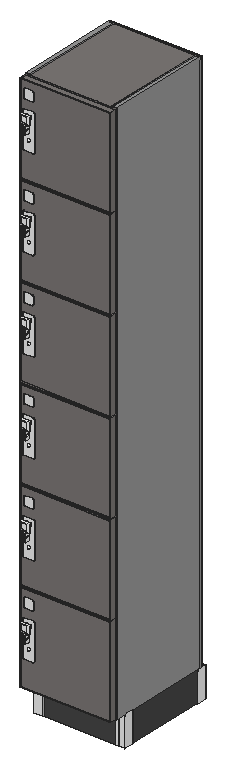
Revit family "Wood_Lockers_Hasps-Salsbury_Industries-46000_Series-1_Wide_Units", category Specialty Equipment, Revit 2024 (continued)
Definition of nested family "Premier Locker Doors_Hasp"
  Dimensions and locks (in)
    plane 7 "Front of Door" to plane 38 "Inner Knob" = 0.719"
    locked: plane 38 "Inner Knob" to plane 39 "Front of Knob" at 0.031
    locked: plane 40 to plane 20 "Top of Lock" at 1.125
    locked: plane 21 "Bottom of Lock" to plane 41 at 1.125
    locked: plane 20 "Top of Lock" to plane 42 at 0.125
    locked: plane 18 "Right Side of Lock" to plane 43 at 0.125
    locked: plane 44 to plane 17 "Left Side of Lock" at 0.125
    plane 42 to plane 45 = 1.250"
    locked: plane 45 to plane 46 "Top of Hole" at 0.125
    plane 48 to plane 30 "Center of Lock" to plane 47 = 0.188" locked, 0.188" locked
    locked: plane 46 "Top of Hole" to plane 49 "Bottom of Hole" at 1.25
    plane 49 "Bottom of Hole" to plane 50 "Stud Alignment" = 0.750"
    locked: plane 42 to plane 51 "Center of Handle" at 0.625
    plane 52 to plane 51 "Center of Handle" to plane 53 = 0.188" locked, 0.188" locked
    plane 7 "Front of Door" to plane 39 "Front of Knob" = 0.750"
    locked: plane 42 to plane 54 at 0.22204
    locked: plane 55 to plane 45 at 0.22204
    locked: plane 7 "Front of Door" to plane 56 "Front of Latch" at 0.625
    locked: plane 57 to plane 58 at 1
    locked: plane 46 "Top of Hole" to plane 57 at 0.1281
    equal spacing: plane 58, plane 59, plane 57
    locked: plane 60 to plane 5 "Right Side of Door" at 0.594
    locked: plane 57 to plane 61 at 0.0599
    locked: plane 62 to plane 58 at 0.06376
    plane 12 "Bottom of Number Tag" to plane 20 "Top of Lock" = 1.1875"
    aligned and locked: level to plane 2
    aligned and locked: Extrusion 5 to plane 11 "Top of Number Tag"
    aligned and locked: plane 12 "Bottom of Number Tag" to Extrusion 5
    aligned and locked: Extrusion 5 to plane 14 "Right Side of Number Tag"
    aligned and locked: Extrusion 5 to plane 13 "Left Side of Number Tag"
    aligned and locked: plane 29 "Back of Number Plate Inset" to Extrusion 5
    aligned and locked: plane 7 "Front of Door" to Extrusion 5
    aligned and locked: plane 29 "Back of Number Plate Inset" to Extrusion 6
    aligned and locked: plane 7 "Front of Door" to Extrusion 6
    aligned and locked: Extrusion 6 to plane 14 "Right Side of Number Tag"
    aligned and locked: Extrusion 6 to plane 13 "Left Side of Number Tag"
    aligned and locked: Extrusion 6 to plane 11 "Top of Number Tag"
    aligned and locked: plane 12 "Bottom of Number Tag" to Extrusion 6
    aligned and locked: curve 9 to Extrusion 8
    aligned and locked: curve 10 to Extrusion 8
    aligned and locked: curve 11 to Extrusion 8
    aligned and locked: Extrusion 7 to curve 12
    aligned and locked: curve 14 to Extrusion 7
    aligned and locked: curve 16 to plane 7 "Front of Door"
    aligned and locked: curve 19 to Extrusion 8  (x2)
    aligned and locked: curve 21 to Extrusion 8
    aligned and locked: curve 18 to curve 22
    aligned and locked: curve 22 to Extrusion 9  (x2)
    aligned and locked: curve 24 to Extrusion 9
    aligned and locked: curve 25 to Extrusion 10
    aligned and locked: curve 26 to Extrusion 10
    aligned and locked: curve 27 to Extrusion 10
    aligned and locked: plane 20 "Top of Lock" to Extrusion 11 sketch curve
    aligned and locked: Extrusion 11 sketch curve to plane 21 "Bottom of Lock"
    aligned and locked: Extrusion 11 to plane 29 "Back of Number Plate Inset"
    aligned and locked: plane 7 "Front of Door" to Extrusion 11
    aligned and locked: Extrusion 3 to Extrusion 11
    aligned and locked: plane 50 "Stud Alignment" to Sweep 14  (x2)
    aligned and locked: Extrusion 15 to plane 7 "Front of Door"
    aligned and locked: Extrusion 15 to plane 22 "Front of Hasp Stud"
    aligned and locked: plane 50 "Stud Alignment" to Extrusion 15
    aligned and locked: Blend 17 to plane 39 "Front of Knob"
    aligned and locked: plane 38 "Inner Knob" to Blend 17
    aligned and locked: plane 6 "Back of Door" to Extrusion 18 sketch curve
    aligned and locked: plane 56 "Front of Latch" to Extrusion 18 sketch curve
    aligned and locked: Extrusion 18 to plane 57
    aligned and locked: plane 58 to Extrusion 18
    aligned and locked: plane 59 to cut or joined group of Extrusion 18, Extrusion 19
    aligned and locked: plane 61 to Extrusion 13 sketch curve  (x2)
    aligned and locked: plane 62 to Extrusion 13 sketch curve  (x2)
  Automatic sketch dimensions
    Extrusion 1 sketch curve to plane 4 "Left Side of Door" = 0.031"
    plane 5 "Right Side of Door" to Extrusion 1 sketch curve = 0.031"
    level to Extrusion 1 sketch curve = 0.031"
    plane 9 "Top of Door" to Extrusion 1 sketch curve = 0.031"
    Extrusion 2 sketch curve to plane 4 "Left Side of Door" = 0.031"
    plane 5 "Right Side of Door" to Extrusion 2 sketch curve = 0.031"
    level to Extrusion 2 sketch curve = 0.031"
    plane 9 "Top of Door" to Extrusion 2 sketch curve = 0.031"
    Extrusion 3 sketch curve to plane 4 "Left Side of Door" = 0.031"
    plane 5 "Right Side of Door" to Extrusion 3 sketch curve = 0.031"
    level to Extrusion 3 sketch curve = 0.031"
    plane 9 "Top of Door" to Extrusion 3 sketch curve = 0.031"
    plane 23 "Left Side of Door-Right Side of Trim" to Sweep 4 sketch curve = 0.000"
    plane 24 "Right Side of Door-Left Side of Trim" to Sweep 4 sketch curve = 0.000"  (x2)
    Sweep 4 sketch curve to plane 26 "Bottom of Door-Top of Trim" = 0.000"
    Sweep 4 sketch curve to plane 25 "Top of Door-Bottom of Trim" = 0.000"
    profile plane to Sweep 4 sketch curve = 0.125"
    Sweep 4 sketch curve to Sweep 4 sketch curve = 0.031"
    Sweep 4 sketch curve to plane 1 "Center (Front/Back)" = 0.375"
    plane 1 "Center (Front/Back)" to Sweep 4 sketch curve = 0.375"
    Extrusion 7 sketch curve to plane 33 = 0.000"
    Extrusion 7 sketch curve to plane 34 = 0.000"
    plane 36 to Extrusion 8 sketch curve = 0.000"
    Extrusion 8 sketch curve to Extrusion 8 sketch curve = 0.500"
    plane 35 "Top Hinge" to Extrusion 8 sketch curve = 0.250"
    Extrusion 8 sketch curve to plane 35 "Top Hinge" = 0.250"
    plane 36 to Extrusion 9 sketch curve = 0.000"
    Extrusion 9 sketch curve to Extrusion 9 sketch curve = 0.500"
    plane 37 "Bottom Hinge" to Extrusion 9 sketch curve = 0.250"
    Extrusion 9 sketch curve to plane 37 "Bottom Hinge" = 0.250"
    plane 36 to Extrusion 10 sketch curve = 0.000"
    Extrusion 10 sketch curve to Extrusion 10 sketch curve = 0.500"
    curve 4 to level = 0.000"
    plane 4 "Left Side of Door" to curve 4 = 0.000"
    plane 5 "Right Side of Door" to curve 3 = 0.000"
    curve 3 to plane 9 "Top of Door" = 0.000"
    Extrusion 5 sketch curve to plane 13 "Left Side of Number Tag" = 0.000"
    Extrusion 5 sketch curve to plane 12 "Bottom of Number Tag" = 0.000"
    Extrusion 5 sketch curve to plane 11 "Top of Number Tag" = 0.000"
    Extrusion 5 sketch curve to plane 14 "Right Side of Number Tag" = 0.000"
    Extrusion 6 sketch curve to plane 13 "Left Side of Number Tag" = 0.000"
    Extrusion 6 sketch curve to plane 12 "Bottom of Number Tag" = 0.000"
    Extrusion 6 sketch curve to plane 11 "Top of Number Tag" = 0.000"
    Extrusion 6 sketch curve to plane 14 "Right Side of Number Tag" = 0.000"
    Extrusion 11 sketch curve to plane 13 "Left Side of Number Tag" = 0.125"
    Extrusion 10 sketch curve to plane 10 "Center of Door" = 0.250"
    plane 10 "Center of Door" to Extrusion 10 sketch curve = 0.250"
    Extrusion 11 sketch curve to plane 21 "Bottom of Lock" = 0.125"
    plane 13 "Left Side of Number Tag" to Extrusion 5 sketch curve = 0.14916"
    Extrusion 5 sketch curve to Extrusion 5 sketch curve = 0.14916"  (x2)
    plane 13 "Left Side of Number Tag" to Extrusion 6 sketch curve = 0.14916"
    Extrusion 6 sketch curve to plane 12 "Bottom of Number Tag" = 0.14916"
    plane 13 "Left Side of Number Tag" to Extrusion 11 sketch curve = 0.000"  (x2)
    Extrusion 5 sketch curve to plane 12 "Bottom of Number Tag" = 0.14916"
    Extrusion 6 sketch curve to plane 14 "Right Side of Number Tag" = 0.14916"  (x2)
    plane 14 "Right Side of Number Tag" to Extrusion 11 sketch curve = 0.000"  (x2)
    Extrusion 12 sketch curve to plane 17 "Left Side of Lock" = 0.000"
    plane 13 "Left Side of Number Tag" to Extrusion 12 sketch curve = 0.000"  (x2)
    plane 14 "Right Side of Number Tag" to Extrusion 12 sketch curve = 0.000"  (x2)
    Extrusion 12 sketch curve to plane 20 "Top of Lock" = 0.000"
    Extrusion 12 sketch curve to plane 18 "Right Side of Lock" = 0.000"
    Extrusion 12 sketch curve to plane 21 "Bottom of Lock" = 0.125"
    plane 15 "Horizontal Center of Number Tag" to Sweep 14 sketch curve = 0.000"
    Sweep 14 sketch curve to plane 50 "Stud Alignment" = 0.000"
    Sweep 14 sketch curve to plane 7 "Front of Door" = 0.000"
    Sweep 14 sketch curve to profile plane = 0.000"
    profile plane to Sweep 14 sketch curve = 0.00168"
    profile plane to Sweep 14 sketch curve = 0.156"
    Sweep 14 sketch curve to plane 7 "Front of Door" = 0.03275"
    Extrusion 15 sketch curve to Extrusion 15 sketch curve = 0.000"  (x2)
    Extrusion 15 sketch curve to plane 50 "Stud Alignment" = 0.000"
    plane 15 "Horizontal Center of Number Tag" to Extrusion 15 sketch curve = 0.000"
    plane 15 "Horizontal Center of Number Tag" to Extrusion 15 sketch curve = 0.010"
    plane 13 "Left Side of Number Tag" to Sweep 16 sketch curve = 0.000"
    plane 14 "Right Side of Number Tag" to Sweep 16 sketch curve = 0.000"
    Sweep 16 sketch curve to plane 45 = 0.000"
    Sweep 16 sketch curve to plane 42 = 0.000"
    Sweep 16 sketch curve to plane 7 "Front of Door" = 0.000"
    profile plane to Sweep 16 sketch curve = 0.000"
    profile plane to Sweep 16 sketch curve = 0.22043"
    Sweep 16 sketch curve to Sweep 16 sketch curve = 0.01681"
    profile plane to Sweep 16 sketch curve = 0.33926"
    Sweep 16 sketch curve to Sweep 16 sketch curve = 0.14344"
    Sweep 16 sketch curve to Sweep 16 sketch curve = 0.15329"
    Sweep 16 sketch curve to Sweep 16 sketch curve = 0.59563"
    Sweep 16 sketch curve to Sweep 16 sketch curve = 0.24142"
    Sweep 16 sketch curve to Sweep 16 sketch curve = 0.00858"
    Sweep 16 sketch curve to Sweep 16 sketch curve = 0.51788"
    Sweep 16 sketch curve to Sweep 16 sketch curve = 0.31119"
    Sweep 16 sketch curve to Sweep 16 sketch curve = 0.11721"
    Sweep 16 sketch curve to Sweep 16 sketch curve = 0.01742"
    Sweep 16 sketch curve to Sweep 16 sketch curve = 0.06553"
    Sweep 16 sketch curve to Sweep 16 sketch curve = 0.000"
    Blend 17 sketch curve to plane 54 = 0.000"
    Blend 17 sketch curve to plane 55 = 0.000"
    Blend 17 sketch curve to plane 47 = 0.21496"
    plane 48 to Blend 17 sketch curve = 0.21496"
    plane 54 to Blend 17 sketch curve = 0.03267"
    Blend 17 sketch curve to plane 40 = 0.00461"
    Blend 17 sketch curve to plane 47 = 0.18235"
    plane 48 to Blend 17 sketch curve = 0.18227"
    Extrusion 18 sketch curve to plane 57 = 0.000"
    Extrusion 18 sketch curve to plane 58 = 0.000"
    plane 59 to Extrusion 19 sketch curve = 0.000"
    Extrusion 19 sketch curve to plane 22 "Front of Hasp Stud" = 0.16637"
    curve 29 to plane 14 "Right Side of Number Tag" = 0.000"
    curve 29 to plane 20 "Top of Lock" = 0.000"
    curve 30 to plane 18 "Right Side of Lock" = 0.000"
    curve 29 to plane 13 "Left Side of Number Tag" = 0.000"
    curve 31 to plane 42 = 0.000"
    curve 32 to plane 21 "Bottom of Lock" = 0.125"
    curve 34 to plane 14 "Right Side of Number Tag" = 0.000"
    curve 35 to plane 13 "Left Side of Number Tag" = 0.000"
    plane 15 "Horizontal Center of Number Tag" to curve 37 = 0.000"
    plane 47 to curve 37 = 0.000"
    plane 57 to curve 37 = 0.0599"
    curve 39 to plane 58 = 0.0661"
    curve 42 to plane 14 "Right Side of Number Tag" = 0.000"
    curve 41 to plane 13 "Left Side of Number Tag" = 0.000"
    curve 41 to plane 45 = 0.000"
    curve 43 to plane 42 = 0.000"
    curve 46 to plane 57 = 0.000"
    curve 46 to plane 15 "Horizontal Center of Number Tag" = 0.063"
    plane 15 "Horizontal Center of Number Tag" to curve 45 = 0.063"
    curve 47 to plane 58 = 0.000"
    curve 15 to plane 6 "Back of Door" = 0.000"
    plane 9 "Top of Door" to curve 15 = 0.000"
    plane 57 to curve 49 = 0.000"
    curve 51 to plane 56 "Front of Latch" = 0.000"
    plane 58 to curve 51 = 0.000"
    curve 17 to level = 0.000"
    plane 59 to curve 52 = 0.000"
    curve 53 to plane 22 "Front of Hasp Stud" = 0.16637"
    plane 7 "Front of Door" to curve 53 = 0.04137"
    plane 53 to curve 54 = 0.05633"
    curve 54 to plane 22 "Front of Hasp Stud" = 0.11642"
    plane 55 to curve 55 = 0.00161"
    curve 55 to plane 40 = 0.00465"
    plane 45 to curve 56 = 0.000"
    curve 56 to plane 39 "Front of Knob" = 0.01788"
    curve 56 to plane 40 = 0.08926"
    plane 55 to curve 57 = 0.000"
    curve 57 to plane 40 = 0.03757"
    plane 39 "Front of Knob" to curve 57 = 0.004"
    plane 42 to curve 60 = 0.000"
    curve 58 to plane 39 "Front of Knob" = 0.000"
    plane 54 to curve 58 = 0.000"
    plane 54 to curve 59 = 0.000"
    plane 55 to curve 58 = 0.000"
    curve 60 to plane 39 "Front of Knob" = 0.01788"
    curve 60 to plane 52 = 0.09774"
    plane 54 to curve 60 = 0.03261"
    plane 56 "Front of Latch" to curve 59 = 0.02711"
    plane 54 to curve 59 = 0.06553"
    plane 39 "Front of Knob" to curve 59 = 0.004"
    curve 61 to plane 54 = 0.00161"
    curve 61 to plane 22 "Front of Hasp Stud" = 0.11642"
    plane 6 "Back of Door" to curve 9 = 0.000"
    curve 6 to plane 4 "Left Side of Door" = 0.000"
    plane 7 "Front of Door" to curve 6 = 0.000"
    plane 7 "Front of Door" to curve 28 = 0.000"
    curve 67 to plane 14 "Right Side of Number Tag" = 0.000"
    curve 65 to plane 13 "Left Side of Number Tag" = 0.000"
    curve 66 to plane 39 "Front of Knob" = 0.000"
    curve 28 to plane 17 "Left Side of Lock" = 0.000"
    curve 28 to plane 18 "Right Side of Lock" = 0.000"
    curve 8 to plane 5 "Right Side of Door" = 0.000"
    curve 64 to plane 22 "Front of Hasp Stud" = 0.11642"
    curve 69 to plane 22 "Front of Hasp Stud" = 0.11642"
    curve 68 to plane 39 "Front of Knob" = 0.01788"
    curve 65 to plane 39 "Front of Knob" = 0.01788"
    curve 14 to plane 23 "Left Side of Door-Right Side of Trim" = 0.07537"
    plane 48 to curve 64 = 0.21657"
    plane 48 to curve 65 = 0.09774"
    plane 48 to curve 63 = 0.05633"
    curve 70 to plane 47 = 0.05633"
    curve 68 to plane 47 = 0.09774"
    curve 69 to curve 69 = 0.16024"
    curve 64 to curve 65 = 0.15655"
    curve 69 to curve 68 = 0.15655"
    plane 39 "Front of Knob" to curve 67 = 0.004"
    plane 33 to curve 14 = 0.250"
    curve 66 to curve 65 = 0.11721"
    curve 67 to plane 47 = 0.14943"
    curve 68 to curve 66 = 0.11721"
    curve 67 to curve 66 = 0.000"
    plane 39 "Front of Knob" to curve 71 = 0.004"
    curve 71 to curve 66 = 0.000"
    plane 48 to curve 71 = 0.14943"
    plane 1 "Center (Front/Back)" to curve 73 = 0.000"
    curve 73 to plane 4 "Left Side of Door" = 0.000"
    curve 73 to plane 60 = 0.000"
    plane 48 to Extrusion 13 sketch curve = 0.000"
    plane 15 "Horizontal Center of Number Tag" to Extrusion 13 sketch curve = 0.000"
    radius of Extrusion 7 sketch curve = 0.250"
    radius of Sweep 14 sketch curve = 0.010"
    radius of Extrusion 19 sketch curve = 0.250"
Definition of nested family "Wood Locker Bases"
  Parameters (values of type "Base - 12" W x 15" D Lockers")
    Width = 12.000"
    Visible Base = yes
    Visible = no
    Model = "Base - 12\" W x 15\" D Lockers"
    Manufacturer = "Salsbury Industries"
    Height = 4.000"
    Depth = 13.250"
    Default Elevation = 0.000"
    Base Secondary Material = none
    Base Primary Materials = none
    Base Hardware = none
  Types (14): name | Width | Visible Base | Visible | Model | Depth
    (no name) | 12.000" | yes | no | "Base - 12\" W x 15\" D Lockers" | 13.250"
    Base - 12" W x 15" D Lockers | 12.000" | yes | no | "Base - 12\" W x 15\" D Lockers" | 13.250"
    Base - 12" W x 18" D Lockers | 12.000" | yes | no | "Base - 12\" W x 18\" D Lockers" | 16.250"
    Base - 12" W x 21" D Lockers | 12.000" | yes | no | "Base - 12\" W x 21\" D Lockers" | 19.250"
    Base - 36" W x 15" D Lockers | 36.000" | yes | yes | "Base - 36\" W x 15\" D Lockers" | 13.250"
    Base - 36" W x 18" D Lockers | 36.000" | yes | yes | "Base - 36\" W x 18\" D Lockers" | 16.250"
    Base - 36" W x 21" D Lockers | 36.000" | yes | yes | "Base - 36\" W x 21\" D Lockers" | 19.250"
    Base - 15" W x 18" D Lockers | 15.000" | yes | no | "Base - 15\" W x 18\" D Lockers" | 16.250"
    Base - 15" W x 21" D Lockers | 15.000" | yes | no | "Base - 15\" W x 21\" D Lockers" | 19.250"
    Base - 15" W x 24" D Lockers | 15.000" | yes | no | "Base - 15\" W x 24\" D Lockers" | 22.250"
    Base - 45" W x 18" D Lockers | 45.000" | yes | yes | "Base - 45\" W x 18\" D Lockers" | 16.250"
    Base - 45" W x 21" D Lockers | 45.000" | yes | yes | "Base - 45\" W x 21\" D Lockers" | 19.250"
    Base - 45" W x 24" D Lockers | 45.000" | yes | yes | "Base - 45\" W x 24\" D Lockers" | 22.250"
    None | 12.000" | no | no | "Base - 12\" W x 15\" D Lockers" | 13.250"
  Reference planes (in)
    plane 1 "Center (Front/Back)": y = 0
    plane 2: z = 0
    plane 3 "Center (Left/Right)": x = 0
    plane 4 "Left Edge": x = -6
    plane 5 "Right Edge": x = 6
    plane 6 "Back Edge": y = 6.625
    plane 7 "Front Edge": y = -6.625
    plane 8 "Bottom Edge": z = 0
    plane 9 "Top Edge": z = 4
    plane 10: x = -4.75
    plane 11: x = -4.102
    plane 12: y = 6.562
    plane 13: y = 5.8
    plane 14: x = -5.131
    plane 15: x = -5.256
    plane 16: x = -5.937
    plane 17: x = -5.175
    plane 18: y = 4.727
    plane 19: y = 5.375
    plane 20: y = 5.756
    plane 21: y = 5.881
    plane 22: x = -5.931
    plane 23: x = 5.931
    plane 24: y = 6.556
    plane 25: y = -6.556
    plane 26: y = 6.525
    plane 27: y = -6.525
    plane 28: x = -5.9
    plane 29: x = 5.9
    plane 30: x = -2.375
    plane 31: x = 2.375
  Forms (in)
    Extrusion 1, solid, material <- "Base Hardware", visible <- "Visible Base"
      sketch origin (0, 0, 0) x (1, 0, 0) y (0, 1, 0)
        loop
          arc (-5.96712, 6.625) -> (-5.99098, 6.61598) -> (-6, 6.59212) r 0.031
          line (-6, 6.59212) -> (-6, 5.4065)
          arc (-6, 5.4065) -> (-5.9685, 5.375) -> (-5.937, 5.4065) r 0.0315
          line (-5.937, 5.4065) -> (-5.937, 5.756) -> (-5.837, 5.756) -> (-5.837, 5.819) -> (-5.937, 5.819) -> (-5.937, 6.51465) -> (-5.256, 5.83365) -> (-5.256, 5.756) -> (-5.175, 5.756) -> (-5.175, 4.75833)
          arc (-5.175, 4.75833) -> (-5.14367, 4.727) -> (-5.11235, 4.75833) r 0.03133
          line (-5.11235, 4.75833) -> (-5.11235, 5.73703) -> (-4.13348, 5.73703)
          arc (-4.13348, 5.73703) -> (-4.102, 5.76852) -> (-4.13348, 5.8) r 0.03148
          line (-4.13348, 5.8) -> (-5.131, 5.8) -> (-5.131, 5.881) -> (-5.21422, 5.881) -> (-5.89522, 6.562) -> (-5.194, 6.562) -> (-5.194, 6.462) -> (-5.131, 6.462) -> (-5.131, 6.562) -> (-4.7814, 6.562)
          arc (-4.7814, 6.562) -> (-4.7499, 6.5935) -> (-4.7814, 6.625) r 0.0315
          line (-4.7814, 6.625) -> (-5.96712, 6.625)
      from 0 to 4
    Extrusion 2, solid, material <- "Base Hardware", visible <- "Visible Base"
      sketch origin (0, 0, 0) x (-1, 0, 0) y (0, -1, 0)
        loop
          line (-5.96712, -6.625) -> (-4.7814, -6.625)
          arc (-4.7814, -6.625) -> (-4.7499, -6.5935) -> (-4.7814, -6.562) r 0.0315
          line (-4.7814, -6.562) -> (-5.131, -6.562) -> (-5.131, -6.462) -> (-5.194, -6.462) -> (-5.194, -6.562) -> (-5.89522, -6.562) -> (-5.21422, -5.881) -> (-5.131, -5.881) -> (-5.131, -5.8) -> (-4.13348, -5.8)
          arc (-4.13348, -5.8) -> (-4.102, -5.76852) -> (-4.13348, -5.73703) r 0.03148
          line (-4.13348, -5.73703) -> (-5.11235, -5.73703) -> (-5.11235, -4.75833)
          arc (-5.11235, -4.75833) -> (-5.14367, -4.727) -> (-5.175, -4.75833) r 0.03133
          line (-5.175, -4.75833) -> (-5.175, -5.756) -> (-5.256, -5.756) -> (-5.256, -5.83365) -> (-5.937, -6.51465) -> (-5.937, -5.819) -> (-5.837, -5.819) -> (-5.837, -5.756) -> (-5.937, -5.756) -> (-5.937, -5.4065)
          arc (-5.937, -5.4065) -> (-5.9685, -5.375) -> (-6, -5.4065) r 0.0315
          line (-6, -5.4065) -> (-6, -6.59212)
          arc (-6, -6.59212) -> (-5.99098, -6.61598) -> (-5.96712, -6.625) r 0.031
      from 0 to 4
    Extrusion 3, solid, material <- "Base Hardware", visible <- "Visible Base"
      sketch origin (0, 0, 0) x (1, 0, 0) y (0, 1, 0)
        loop
          line (-5.96712, -6.625) -> (-4.7814, -6.625)
          arc (-4.7814, -6.625) -> (-4.7499, -6.5935) -> (-4.7814, -6.562) r 0.0315
          line (-4.7814, -6.562) -> (-5.131, -6.562) -> (-5.131, -6.462) -> (-5.194, -6.462) -> (-5.194, -6.562) -> (-5.89522, -6.562) -> (-5.21422, -5.881) -> (-5.131, -5.881) -> (-5.131, -5.8) -> (-4.13348, -5.8)
          arc (-4.13348, -5.8) -> (-4.102, -5.76852) -> (-4.13348, -5.73703) r 0.03148
          line (-4.13348, -5.73703) -> (-5.11235, -5.73703) -> (-5.11235, -4.75833)
          arc (-5.11235, -4.75833) -> (-5.14367, -4.727) -> (-5.175, -4.75833) r 0.03133
          line (-5.175, -4.75833) -> (-5.175, -5.756) -> (-5.256, -5.756) -> (-5.256, -5.83365) -> (-5.937, -6.51465) -> (-5.937, -5.819) -> (-5.837, -5.819) -> (-5.837, -5.756) -> (-5.937, -5.756) -> (-5.937, -5.4065)
          arc (-5.937, -5.4065) -> (-5.9685, -5.375) -> (-6, -5.4065) r 0.0315
          line (-6, -5.4065) -> (-6, -6.59212)
          arc (-6, -6.59212) -> (-5.99098, -6.61598) -> (-5.96712, -6.625) r 0.031
      from 0 to 4
    Extrusion 4, solid, material <- "Base Hardware", visible <- "Visible Base"
      sketch origin (0, 0, 0) x (-1, 0, 0) y (0, -1, 0)
        loop
          arc (-5.96712, 6.625) -> (-5.99098, 6.61598) -> (-6, 6.59212) r 0.031
          line (-6, 6.59212) -> (-6, 5.4065)
          arc (-6, 5.4065) -> (-5.9685, 5.375) -> (-5.937, 5.4065) r 0.0315
          line (-5.937, 5.4065) -> (-5.937, 5.756) -> (-5.837, 5.756) -> (-5.837, 5.819) -> (-5.937, 5.819) -> (-5.937, 6.51465) -> (-5.256, 5.83365) -> (-5.256, 5.756) -> (-5.175, 5.756) -> (-5.175, 4.75833)
          arc (-5.175, 4.75833) -> (-5.14367, 4.727) -> (-5.11235, 4.75833) r 0.03133
          line (-5.11235, 4.75833) -> (-5.11235, 5.73703) -> (-4.13348, 5.73703)
          arc (-4.13348, 5.73703) -> (-4.102, 5.76852) -> (-4.13348, 5.8) r 0.03148
          line (-4.13348, 5.8) -> (-5.131, 5.8) -> (-5.131, 5.881) -> (-5.21422, 5.881) -> (-5.89522, 6.562) -> (-5.194, 6.562) -> (-5.194, 6.462) -> (-5.131, 6.462) -> (-5.131, 6.562) -> (-4.7814, 6.562)
          arc (-4.7814, 6.562) -> (-4.7499, 6.5935) -> (-4.7814, 6.625) r 0.0315
          line (-4.7814, 6.625) -> (-5.96712, 6.625)
      from 0 to 4
    Extrusion 5, solid, material <- "Base Secondary Material", visible <- "Visible Base"
      sketch origin (0, 0, 0) x (0, -1, 0) y (1, 0, 0)
        loop
          line (-5.756, 5.9) -> (-5.756, 5.181) -> (5.75697, 5.181) -> (5.75697, 5.9) -> (-5.756, 5.9)
      from 0 to 4
    Extrusion 6, solid, material <- "Base Secondary Material", visible <- "Visible Base"
      sketch origin (0, 0, 0) x (0, -1, 0) y (1, 0, 0)
        loop
          line (-5.756, -5.9) -> (5.75697, -5.9) -> (5.75697, -5.181) -> (-5.756, -5.181) -> (-5.756, -5.9)
      from 0 to 4
    Extrusion 7, solid, material <- "Base Secondary Material", visible <- "Visible Base"
      sketch origin (-2.05521, 0.625, 0) x (1, 0, 0) y (0, 1, 0)
        loop
          line (-3.07579, 5.9) -> (-3.07579, 5.181) -> (7.18621, 5.181) -> (7.18621, 5.9) -> (-3.07579, 5.9)
      from 0 to 4
    Extrusion 8, solid, material <- "Base Secondary Material", visible <- "Visible Base"
      sketch origin (-2.05521, -0.625, 0) x (1, 0, 0) y (0, 1, 0)
        loop
          line (-3.07579, -5.9) -> (7.18621, -5.9) -> (7.18621, -5.181) -> (-3.07579, -5.181) -> (-3.07579, -5.9)
      from 0 to 4
    Extrusion 9, solid, material <- "Base Primary Materials", visible <- "Visible Base"
      sketch origin (0.76452, 0, 0) x (0, -1, 0) y (1, 0, 0)
        loop
          line (-5.756, 5.16648) -> (-5.756, 5.13548) -> (5.75697, 5.13548) -> (5.75697, 5.16648) -> (-5.756, 5.16648)
      from 0 to 4
    Extrusion 10, solid, material <- "Base Primary Materials", visible <- "Visible Base"
      sketch origin (-0.719, 0, 0) x (0, -1, 0) y (1, 0, 0)
        loop
          line (-5.756, -5.212) -> (5.75697, -5.212) -> (5.75697, -5.181) -> (-5.756, -5.181) -> (-5.756, -5.212)
      from 0 to 4
    Extrusion 11, solid, material <- "Base Primary Materials", visible <- "Visible Base"
      sketch origin (-2.05521, 1.344, 0) x (1, 0, 0) y (0, 1, 0)
        loop
          line (-3.07579, 5.218) -> (-3.07579, 5.181) -> (7.18621, 5.181) -> (7.18621, 5.218) -> (-3.07579, 5.218)
      from 0 to 4
    Extrusion 12, solid, material <- "Base Primary Materials", visible <- "Visible Base"
      sketch origin (-2.05521, -1.344, 0) x (1, 0, 0) y (0, 1, 0)
        loop
          line (-3.07579, -5.212) -> (7.18621, -5.212) -> (7.18621, -5.181) -> (-3.07579, -5.181) -> (-3.07579, -5.212)
      from 0 to 4
    Extrusion 13, solid, material <- "Base Secondary Material", visible <- "Visible"
      sketch origin (0, 0, 4) x (0, -1, 0) y (1, 0, 0)
        loop
          line (-5.806, -2.375) -> (5.806, -2.375) -> (5.806, 2.375) -> (-5.806, 2.375) -> (-5.806, -2.375)
      from 0 to -0.75
    Extrusion 14, solid, material <- "Base Secondary Material", visible <- "Visible"
      sketch origin (0, 0, 0) x (0, -1, 0) y (1, 0, 0)
        loop
          line (-5.806, -2.375) -> (-5.056, -2.375) -> (-5.056, 2.375) -> (-5.806, 2.375) -> (-5.806, -2.375)
      from 0 to 3.25
    Extrusion 15, solid, material <- "Base Secondary Material", visible <- "Visible"
      sketch origin (0, 0, 0) x (0, 1, 0) y (-1, 0, 0)
        loop
          line (-5.806, 2.375) -> (-5.806, -2.375) -> (-5.056, -2.375) -> (-5.056, 2.375) -> (-5.806, 2.375)
      from 0 to 3.25
  Dimensions and locks (in)
    equal spacing: plane 4 "Left Edge", plane 3 "Center (Left/Right)", plane 5 "Right Edge"
    "Width": plane 4 "Left Edge" to plane 5 "Right Edge"
    equal spacing: plane 7 "Front Edge", plane 1 "Center (Front/Back)", plane 6 "Back Edge"
    "Depth": plane 7 "Front Edge" to plane 6 "Back Edge"
    "Height": plane 9 "Top Edge" to plane 8 "Bottom Edge"
    locked: plane 4 "Left Edge" to plane 10 at 1.25
    locked: plane 4 "Left Edge" to plane 11 at 1.898
    locked: plane 12 to plane 6 "Back Edge" at 0.063
    plane 14 to plane 10 = 0.381"
    locked: plane 12 to plane 13 at 0.762
    locked: plane 4 "Left Edge" to plane 16 at 0.063
    locked: plane 16 to plane 17 at 0.762
    locked: plane 19 to plane 6 "Back Edge" at 1.25
    locked: plane 18 to plane 6 "Back Edge" at 1.898
    plane 15 to plane 17 = 0.081"
    plane 21 to plane 13 = 0.081"
    plane 19 to plane 20 = 0.381"
    plane 24 to plane 6 "Back Edge" = 0.069"
    plane 7 "Front Edge" to plane 25 = 0.069"
    plane 23 to plane 5 "Right Edge" = 0.069"
    plane 4 "Left Edge" to plane 22 = 0.069"
    plane 26 to plane 24 = 0.031"
    plane 25 to plane 27 = 0.031"
    plane 22 to plane 28 = 0.031"
    plane 29 to plane 23 = 0.031"
    plane 30 to plane 3 "Center (Left/Right)" to plane 31 = 2.375" locked, 2.375" locked
    aligned and locked: level to plane 2
    aligned and locked: plane 30 to Extrusion 13
    aligned and locked: plane 30 to Extrusion 14
    aligned and locked: plane 30 to Extrusion 15
    aligned and locked: Extrusion 13 to plane 31
    aligned and locked: Extrusion 14 to plane 31
    aligned and locked: Extrusion 15 to plane 31
  Automatic sketch dimensions
    Extrusion 1 sketch curve to plane 4 "Left Edge" = 0.000"
    plane 6 "Back Edge" to Extrusion 1 sketch curve = 0.000"
    Extrusion 1 sketch curve to plane 16 = 0.000"  (x2)
    Extrusion 1 sketch curve to plane 12 = 0.000"  (x2)
    plane 20 to Extrusion 1 sketch curve = 0.000"  (x2)
    Extrusion 1 sketch curve to plane 15 = 0.000"
    plane 21 to Extrusion 1 sketch curve = 0.000"
    Extrusion 1 sketch curve to plane 17 = 0.000"
    Extrusion 1 sketch curve to plane 14 = 0.000"  (x2)
    Extrusion 1 sketch curve to plane 13 = 0.000"
    Extrusion 1 sketch curve to plane 4 "Left Edge" = 0.03094"
    plane 16 to Extrusion 1 sketch curve = 0.03012"
    Extrusion 1 sketch curve to plane 28 = 0.00478"
    Extrusion 1 sketch curve to plane 28 = 0.063"
    plane 17 to Extrusion 1 sketch curve = 0.03922"
    plane 17 to Extrusion 1 sketch curve = 0.019"
    plane 14 to Extrusion 1 sketch curve = 0.01267"
    plane 10 to Extrusion 1 sketch curve = 0.0314"
    plane 11 to Extrusion 1 sketch curve = 0.03148"
    plane 20 to Extrusion 1 sketch curve = 0.01897"
    Extrusion 1 sketch curve to plane 19 = 0.0315"
    Extrusion 1 sketch curve to plane 18 = 0.03133"
    plane 13 to Extrusion 1 sketch curve = 0.019"
    plane 13 to Extrusion 1 sketch curve = 0.03365"
    plane 26 to Extrusion 1 sketch curve = 0.063"
    plane 26 to Extrusion 1 sketch curve = 0.01035"
    plane 12 to Extrusion 1 sketch curve = 0.03012"
    Extrusion 2 sketch curve to plane 5 "Right Edge" = 0.000"
    plane 6 "Back Edge" to Extrusion 2 sketch curve = 0.000"
    plane 20 to Extrusion 2 sketch curve = 0.000"  (x2)
    plane 12 to Extrusion 2 sketch curve = 0.000"  (x2)
    plane 21 to Extrusion 2 sketch curve = 0.000"
    plane 13 to Extrusion 2 sketch curve = 0.000"
    Extrusion 2 sketch curve to plane 5 "Right Edge" = 0.03094"
    Extrusion 2 sketch curve to Extrusion 2 sketch curve = 0.0315"
    Extrusion 2 sketch curve to Extrusion 2 sketch curve = 0.00194"
    plane 23 to Extrusion 2 sketch curve = 0.006"
    Extrusion 2 sketch curve to plane 29 = 0.00478"
    Extrusion 2 sketch curve to plane 29 = 0.063"
    Extrusion 2 sketch curve to plane 13 = 0.03365"
    Extrusion 2 sketch curve to Extrusion 2 sketch curve = 0.581"
    Extrusion 2 sketch curve to Extrusion 2 sketch curve = 0.04178"
    Extrusion 2 sketch curve to plane 26 = 0.063"
    Extrusion 2 sketch curve to Extrusion 2 sketch curve = 0.02022"
    plane 18 to Extrusion 2 sketch curve = 0.03133"
    Extrusion 2 sketch curve to plane 29 = 0.725"
    Extrusion 2 sketch curve to Extrusion 2 sketch curve = 0.03133"
    Extrusion 2 sketch curve to Extrusion 2 sketch curve = 0.063"
    Extrusion 2 sketch curve to Extrusion 2 sketch curve = 0.08322"
    Extrusion 2 sketch curve to Extrusion 2 sketch curve = 0.3496"
    Extrusion 2 sketch curve to Extrusion 2 sketch curve = 0.97886"
    plane 19 to Extrusion 2 sketch curve = 0.0315"
    Extrusion 2 sketch curve to plane 20 = 0.01897"
    Extrusion 2 sketch curve to plane 13 = 0.019"
    Extrusion 2 sketch curve to plane 26 = 0.01035"
    Extrusion 2 sketch curve to plane 12 = 0.03012"
    Extrusion 3 sketch curve to plane 4 "Left Edge" = 0.000"
    plane 7 "Front Edge" to Extrusion 3 sketch curve = 0.000"
    Extrusion 3 sketch curve to plane 16 = 0.000"  (x2)
    Extrusion 3 sketch curve to plane 15 = 0.000"
    Extrusion 3 sketch curve to plane 17 = 0.000"
    Extrusion 3 sketch curve to plane 14 = 0.000"  (x2)
    plane 4 "Left Edge" to Extrusion 3 sketch curve = 0.03094"
    Extrusion 3 sketch curve to plane 16 = 0.03012"
    plane 28 to Extrusion 3 sketch curve = 0.00478"
    plane 28 to Extrusion 3 sketch curve = 0.063"
    Extrusion 3 sketch curve to plane 17 = 0.03922"
    Extrusion 3 sketch curve to plane 17 = 0.019"
    Extrusion 3 sketch curve to plane 14 = 0.01267"
    Extrusion 3 sketch curve to plane 25 = 0.006"  (x2)
    Extrusion 3 sketch curve to plane 10 = 0.0314"
    Extrusion 3 sketch curve to plane 11 = 0.03148"
    plane 27 to Extrusion 3 sketch curve = 0.01035"
    plane 27 to Extrusion 3 sketch curve = 0.063"
    Extrusion 3 sketch curve to Extrusion 3 sketch curve = 0.581"
    Extrusion 3 sketch curve to Extrusion 3 sketch curve = 0.04735"
    Extrusion 3 sketch curve to Extrusion 3 sketch curve = 0.01465"
    Extrusion 3 sketch curve to Extrusion 3 sketch curve = 0.081"
    Extrusion 3 sketch curve to Extrusion 3 sketch curve = 0.03148"
    Extrusion 3 sketch curve to Extrusion 3 sketch curve = 0.044"
    Extrusion 3 sketch curve to Extrusion 3 sketch curve = 0.063"
    Extrusion 3 sketch curve to Extrusion 3 sketch curve = 0.3495"
    Extrusion 3 sketch curve to Extrusion 3 sketch curve = 0.97871"
    plane 7 "Front Edge" to Extrusion 3 sketch curve = 0.03288"
    Extrusion 4 sketch curve to plane 5 "Right Edge" = 0.000"
    plane 7 "Front Edge" to Extrusion 4 sketch curve = 0.000"
    plane 5 "Right Edge" to Extrusion 4 sketch curve = 0.03094"
    Extrusion 4 sketch curve to Extrusion 4 sketch curve = 0.0315"
    Extrusion 4 sketch curve to Extrusion 4 sketch curve = 0.00194"
    Extrusion 4 sketch curve to plane 23 = 0.006"
    plane 29 to Extrusion 4 sketch curve = 0.00478"
    plane 29 to Extrusion 4 sketch curve = 0.063"
    Extrusion 4 sketch curve to Extrusion 4 sketch curve = 0.581"
    Extrusion 4 sketch curve to Extrusion 4 sketch curve = 0.04178"
    Extrusion 4 sketch curve to plane 27 = 0.063"
    Extrusion 4 sketch curve to Extrusion 4 sketch curve = 0.02022"
    plane 29 to Extrusion 4 sketch curve = 0.725"
    Extrusion 4 sketch curve to Extrusion 4 sketch curve = 0.03133"
    Extrusion 4 sketch curve to Extrusion 4 sketch curve = 0.063"  (x2)
    Extrusion 4 sketch curve to Extrusion 4 sketch curve = 0.08322"
    plane 25 to Extrusion 4 sketch curve = 0.006"  (x2)
    Extrusion 4 sketch curve to Extrusion 4 sketch curve = 0.3496"
    Extrusion 4 sketch curve to plane 27 = 0.725"
    Extrusion 4 sketch curve to Extrusion 4 sketch curve = 0.97886"
    Extrusion 4 sketch curve to Extrusion 4 sketch curve = 0.03148"
    Extrusion 4 sketch curve to Extrusion 4 sketch curve = 0.044"
    Extrusion 4 sketch curve to Extrusion 4 sketch curve = 0.000"
    Extrusion 4 sketch curve to Extrusion 4 sketch curve = 0.3495"
    Extrusion 4 sketch curve to Extrusion 4 sketch curve = 0.97871"
    Extrusion 4 sketch curve to Extrusion 4 sketch curve = 0.07765"
    Extrusion 4 sketch curve to Extrusion 4 sketch curve = 0.081"
    Extrusion 4 sketch curve to plane 27 = 0.01035"
    Extrusion 4 sketch curve to plane 7 "Front Edge" = 0.03288"
    plane 20 to Extrusion 5 sketch curve = 0.000"
    Extrusion 5 sketch curve to plane 29 = 0.000"
    Extrusion 5 sketch curve to plane 27 = 0.76803"
    plane 29 to Extrusion 5 sketch curve = 0.719"
    plane 20 to Extrusion 6 sketch curve = 0.000"
    Extrusion 6 sketch curve to plane 28 = 0.000"
    plane 27 to Extrusion 6 sketch curve = 0.76803"
    Extrusion 6 sketch curve to plane 17 = 0.006"
    Extrusion 7 sketch curve to plane 14 = 0.000"
    plane 26 to Extrusion 7 sketch curve = 0.000"
    plane 29 to Extrusion 7 sketch curve = 0.769"
    plane 13 to Extrusion 7 sketch curve = 0.006"
    Extrusion 8 sketch curve to plane 14 = 0.000"
    plane 27 to Extrusion 8 sketch curve = 0.000"
    Extrusion 8 sketch curve to plane 29 = 0.769"
    plane 27 to Extrusion 8 sketch curve = 0.719"
    plane 20 to Extrusion 9 sketch curve = 0.000"
    Extrusion 9 sketch curve to plane 23 = 0.000"
    Extrusion 9 sketch curve to plane 29 = 0.000"
    Extrusion 9 sketch curve to plane 27 = 0.76803"
    plane 20 to Extrusion 10 sketch curve = 0.000"
    Extrusion 10 sketch curve to plane 22 = 0.000"
    Extrusion 10 sketch curve to plane 28 = 0.000"
    plane 27 to Extrusion 10 sketch curve = 0.76803"
    Extrusion 11 sketch curve to plane 14 = 0.000"
    plane 12 to Extrusion 11 sketch curve = 0.000"
    plane 26 to Extrusion 11 sketch curve = 0.000"
    plane 29 to Extrusion 11 sketch curve = 0.769"
    Extrusion 12 sketch curve to plane 14 = 0.000"
    plane 25 to Extrusion 12 sketch curve = 0.000"
    plane 27 to Extrusion 12 sketch curve = 0.000"
    Extrusion 12 sketch curve to plane 29 = 0.769"
    plane 13 to Extrusion 13 sketch curve = 0.006"
    Extrusion 13 sketch curve to plane 27 = 0.719"
    Extrusion 13 sketch curve to plane 11 = 1.727"
    plane 3 "Center (Left/Right)" to Extrusion 13 sketch curve = 2.375"
    plane 13 to Extrusion 14 sketch curve = 0.006"
    plane 19 to Extrusion 14 sketch curve = 0.319"
    Extrusion 14 sketch curve to plane 11 = 1.727"
    plane 3 "Center (Left/Right)" to Extrusion 14 sketch curve = 2.375"
    plane 27 to Extrusion 15 sketch curve = 0.719"
    Extrusion 15 sketch curve to Extrusion 15 sketch curve = 0.750"
    plane 11 to Extrusion 15 sketch curve = 1.727"
    Extrusion 15 sketch curve to plane 3 "Center (Left/Right)" = 2.375"
Definition of nested family "Wood Locker Sloping Hoods"
  Parameters (values of type "44359 - for 15" Deep Lockers (3 Wide)")
    Width = 36.000"
    Visible = yes
    Version = "1.0 (12/15/23)"
    Type Comments = "Sloping Hood for Premier Wood Lockers"
    Model = "44359"
    Manufacturer = "Salsbury Industries"
    Laminate Surface = none
    Height = 5.743"
    Description = "For 15\" D - 3 Wide Lockers"
    Depth = 14.625"
    Default Elevation = 0.000"
  Types (20): name | Width | Visible | Version | Type Comments | Model | Manufacturer | Height | Description | Depth
    (no name) | 36.000" | yes | "1.0 (12/15/23)" | "Sloping Hood for Premier Wood Lockers" | "44359" | "Salsbury Industries" | 5.743" | "For 15\" D - 3 Wide Lockers" | 14.625"
    44357 - for 15" Deep Lockers (1 Wide) | 12.000" | yes | "1.0 (12/15/23)" | "Sloping Hood for Premier Wood Lockers" | "44357" | "Salsbury Industries" | 5.743" | "For 15\" D - 1 Wide Lockers" | 14.625"
    44353 - for 18" Deep Lockers (1 Wide) | 12.000" | yes | "1.0 (12/15/23)" | "Sloping Hood for Premier Wood Lockers" | "44353" | "Salsbury Industries" | 6.868" | "For 18\" D - 1 Wide Lockers" | 17.625"
    44352 - for 21" Deep Lockers (1 Wide) | 12.000" | yes | "1.0 (12/15/23)" | "Sloping Hood for Premier Wood Lockers" | "44352" | "Salsbury Industries" | 7.993" | "For 21\" D - 1 Wide Lockers" | 20.625"
    44359 - for 15" Deep Lockers (3 Wide) | 36.000" | yes | "1.0 (12/15/23)" | "Sloping Hood for Premier Wood Lockers" | "44359" | "Salsbury Industries" | 5.743" | "For 15\" D - 3 Wide Lockers" | 14.625"
    44356 - for 18" Deep Lockers (3 Wide) | 36.000" | yes | "1.0 (12/15/23)" | "Sloping Hood for Premier Wood Lockers" | "44356" | "Salsbury Industries" | 6.868" | "For 18\" D - 3 Wide Lockers" | 17.625"
    44354 - for 21" Deep Lockers (3 Wide) | 36.000" | yes | "1.0 (12/15/23)" | "Sloping Hood for Premier Wood Lockers" | "44354" | "Salsbury Industries" | 7.993" | "For 21\" D - 3 Wide Lockers" | 20.625"
    44255 - for 24" Deep Lockers (1 Wide) | 15.000" | yes | "1.0 (12/15/23)" | "Sloping Hood for Premier Wood Lockers" | "44255" | "Salsbury Industries" | 9.118" | "For 24\" D - 1 Wood Lockers" | 23.625"
    442257 - for 24" Deep Lockers (3 Wide) | 45.000" | yes | "1.0 (12/15/23)" | "Sloping Hood for Premier Wod Lockers" | "44257" | "Salsbury Industries" | 9.118" | "For 24\" D - 3 Wide Lockers" | 23.625"
    44252 - for 21" Deep Lockers (1 Wide) | 15.000" | yes | "1.0 (12/15/23)" | "Sloping Hood for 15\" Wide Premier Wood Lockers" | "44252" | "Salsbury Industries" | 7.993" | "For 21\" D - 1 Wide Lockers" | 20.625"
    44254 - for 21" Deep Lockers (3 Wide) | 45.000" | yes | "1.0 (12/15/23)" | "Sloping Hood for 15\" Wide Premier Wood Lockers" | "44254" | "Salsbury Industries" | 7.993" | "For 21\" D - 3 Wide Lockers" | 20.625"
    44251 - for 18" Deep Lockers (1 Wide) | 15.000" | yes | "1.0 (12/15/23)" | "Sloping Hood for 15\"Wide Premier Wood Lockers" | "44251" | "Salsbury Industries" | 6.868" | "For 18\" D - 1 Wide Lockers" | 17.625"
    44253 - for 18" Deep Lockers (3 Wide) | 45.000" | yes | "1.0 (12/15/23)" | "Sloping Hood for 15\" Wide Premier Wood Lockers" | "44253" | "Salsbury Industries" | 6.868" | "For 18\" D - 3 Wide Lockers" | 17.625"
    None | 12.000" | no | "" | "" | "" | "" | 5.743" | "" | 14.625"
    44818 - for 18" Deep Lockers (1 Wide) | 18.000" | yes | "1.0 (12/15/23)" | "Sloping Hood for Premier Wood Lockers" | "44818" | "Salsbury Industries" | 6.868" | "For 18\" D - 1 Wide Lockers" | 17.625"
    44811- for 21" Deep Lockers (1 Wide) | 18.000" | yes | "1.0 (12/15/23)" | "Sloping Hood for Premier Wood Lockers" | "44811" | "Salsbury Industries" | 7.993" | "For 21\" D - 1 Wide Lockers" | 20.625"
    44814- for 24" Deep Lockers (1 Wide) | 18.000" | yes | "1.0 (12/15/23)" | "Sloping Hood for Premier Wood Lockers" | "44814" | "Salsbury Industries" | 9.118" | "For 24\" D - 1 Wide Lockers" | 23.625"
    44838- for 18" Deep Lockers (3 Wide) | 54.000" | yes | "1.0 (12/15/23)" | "Sloping Hood for Premier Wood Lockers" | "44838" | "Salsbury Industries" | 6.868" | "For 18\" D - 3 Wide Lockers" | 17.625"
    44831- for 21" Deep Lockers (3 Wide) | 54.000" | yes | "1.0 (12/15/23)" | "Sloping Hood for Premier Wood Lockers" | "44831" | "Salsbury Industries" | 7.993" | "For 21\" D - 3 Wide Lockers" | 20.625"
    44834- for 24" Deep Lockers (3 Wide) | 54.000" | yes | "1.0 (12/15/23)" | "Sloping Hood for Premier Wood Lockers" | "834" | "Salsbury Industries" | 9.118" | "For 24\" D - 3 Wide Lockers" | 23.625"
  Reference planes (in)
    plane 1 "Center (Front/Back)": y = 0
    plane 2: z = 0
    plane 3 "Center (Left/Right)": x = 0
    plane 4 "Front of Hood": y = -7.3125
    plane 5 "Back of Hood": y = 7.3125
    plane 6 "Right Side of Hood": x = 18
    plane 7 "Left Side of Hood": x = -18
    plane 8 "Bottom of Hood": z = 0
    plane 9 "Top of Hood": z = 5.743
    plane 10: x = 17.25
    plane 11: x = -17.25
    plane 12: y = -7.2815
    plane 13: y = -6.5625
    plane 14: z = 5.712
    plane 15: z = 4.993
    plane 16: z = 0.062
    plane 17: z = 0.75
  Forms (in)
    Extrusion 1, solid, visible <- "Visible"
      sketch origin (18, 0.37227, 0) x (0, -1, 0) y (0, 0, 1)
        loop
          line (-0.25, 2.38027) -> (-0.25, 0) -> (0.37227, 0) -> (0.37227, 2.13726) -> (-0.25, 2.38027)
      from 0 to 36
    Extrusion 2, solid, visible <- "Visible"
      sketch origin (0, 0, 0) x (0, 1, 0) y (0, 0, 1)
        loop
          line (-5.47273, 0) -> (7.3125, 4.993) -> (7.3125, 5.712) -> (-7.23269, 0.062) -> (-7.2815, 0.062) -> (-7.2815, 0) -> (-5.47273, 0)
      from -18 to 18
    Extrusion 3, solid, material <- "Laminate Surface", visible <- "Visible"
      sketch origin (0, 0, 0) x (0, 1, 0) y (0, 0, 1)
        loop
          line (-7.3125, 0.062) -> (-7.3125, 0) -> (-7.2815, 0) -> (-7.2815, 0.062) -> (-7.3125, 0.062)
      from -18 to 18
    Extrusion 4, solid, material <- "Laminate Surface", visible <- "Visible"
      sketch origin (0, 0, 0) x (0, 1, 0) y (0, 0, 1)
        loop
          line (7.3125, 5.743) -> (-7.3125, 0.062) -> (-7.23269, 0.062) -> (7.3125, 5.712) -> (7.3125, 5.743)
      from -18 to 18
  Dimensions and locks (in)
    equal spacing: plane 7 "Left Side of Hood", plane 3 "Center (Left/Right)", plane 6 "Right Side of Hood"
    "Width": plane 7 "Left Side of Hood" to plane 6 "Right Side of Hood"
    equal spacing: plane 4 "Front of Hood", plane 1 "Center (Front/Back)", plane 5 "Back of Hood"
    "Depth": plane 4 "Front of Hood" to plane 5 "Back of Hood"
    "Height": plane 9 "Top of Hood" to plane 8 "Bottom of Hood"
    plane 7 "Left Side of Hood" to plane 11 = 0.750"
    plane 10 to plane 6 "Right Side of Hood" = 0.750"
    plane 4 "Front of Hood" to plane 12 to plane 13 = 0.031" locked, 0.719" locked
    plane 15 to plane 14 to plane 9 "Top of Hood" = 0.719" locked, 0.031" locked
    locked: plane 16 to plane 8 "Bottom of Hood" at 0.062
    locked: plane 17 to plane 8 "Bottom of Hood" at 0.75
    aligned and locked: level to plane 2
    aligned and locked: Extrusion 2 to plane 6 "Right Side of Hood"
    aligned and locked: plane 7 "Left Side of Hood" to Extrusion 2
    aligned and locked: plane 7 "Left Side of Hood" to Extrusion 4
    aligned and locked: Extrusion 4 to plane 6 "Right Side of Hood"
    aligned and locked: Extrusion 3 to plane 6 "Right Side of Hood"
    aligned and locked: plane 7 "Left Side of Hood" to Extrusion 3
    aligned and locked: Extrusion 2 to Extrusion 1 sketch curve
    aligned and locked: plane 7 "Left Side of Hood" to Extrusion 1
    aligned and locked: Extrusion 1 to plane 6 "Right Side of Hood"
  Automatic sketch dimensions
    Extrusion 3 sketch curve to level = 0.000"
    Extrusion 3 sketch curve to plane 4 "Front of Hood" = 0.000"
    Extrusion 3 sketch curve to plane 12 = 0.000"
    plane 16 to Extrusion 3 sketch curve = 0.000"
    Extrusion 4 sketch curve to plane 4 "Front of Hood" = 0.000"
    plane 16 to Extrusion 4 sketch curve = 0.000"
    Extrusion 4 sketch curve to plane 5 "Back of Hood" = 0.000"
    plane 14 to Extrusion 4 sketch curve = 0.000"
    plane 9 "Top of Hood" to Extrusion 4 sketch curve = 0.000"
    Extrusion 4 sketch curve to plane 12 = 0.04881"
    Extrusion 2 sketch curve to level = 0.000"
    Extrusion 2 sketch curve to plane 12 = 0.000"
    plane 16 to Extrusion 2 sketch curve = 0.000"
    Extrusion 2 sketch curve to plane 5 "Back of Hood" = 0.000"
    plane 15 to Extrusion 2 sketch curve = 0.000"
    plane 14 to Extrusion 2 sketch curve = 0.000"
    Extrusion 2 sketch curve to plane 13 = 1.08977"
    Extrusion 2 sketch curve to plane 12 = 0.04881"
    Extrusion 1 sketch curve to level = 0.000"
    Extrusion 1 sketch curve to plane 1 "Center (Front/Back)" = 0.000"
    Extrusion 1 sketch curve to Extrusion 1 sketch curve = 0.24302"
Definition of nested family "Wood Locker Sloping Corner Fillers"
  Parameters (values of type "44487 - for 15" D Lockers")
    Width = 16.875"
    Visible = yes
    Version = "1.0 (12/15/23)"
    Type Comments = "Sloping Hood Corner Filler for Premier Wood Lockers"
    Model = "44487"
    Manufacturer = "Salsbury Industries"
    Laminate Surface = none
    Height = 5.743"
    Description = "For 15\" D Lockers"
    Depth = 16.875"
    Default Elevation = 0.000"
  Types (6): name | Width | Visible | Version | Type Comments | Model | Manufacturer | Height | Description | Depth
    (no name) | 16.875" | yes | "1.0 (12/15/23)" | "Sloping Hood Corner Filler for Premier Wood Lockers" | "44487" | "Salsbury Industries" | 5.743" | "For 15\" D Lockers" | 16.875"
    44487 - for 15" D Lockers | 16.875" | yes | "1.0 (12/15/23)" | "Sloping Hood Corner Filler for Premier Wood Lockers" | "44487" | "Salsbury Industries" | 5.743" | "For 15\" D Lockers" | 16.875"
    44488 - for 18" D Lockers | 19.875" | yes | "1.0 (12/15/23)" | "Sloping Hood Corner Filler for Premier Wood Lockers" | "44488" | "Salsbury Industries" | 6.868" | "For 18\" D Lockers" | 19.875"
    44481- for 21" D Lockers | 22.875" | yes | "1.0 (12/15/23)" | "Sloping Hood Corner Filler for Premier Wood Lockers" | "44481" | "Salsbury Industries" | 7.993" | "For 21\" D Lockers" | 22.875"
    44489- for 24" D Lockers | 25.875" | yes | "1.0 (12/15/23)" | "Sloping Hood Corner Filler for Premier Wood Lockers" | "44489" | "Salsbury Industries" | 9.118" | "For 24\" D Lockers" | 25.875"
    None | 16.875" | no | "" | "" | "" | "" | 5.743" | "" | 16.875"
  Reference planes (in)
    plane 1 "Center (Front/Back)": y = -0.8125
    plane 2: z = 0
    plane 3 "Center (Left/Right)": x = 0.8125
    plane 4 "Front of Hood": y = -7
    plane 5 "Right Side of Hood": x = 7
    plane 6 "Bottom of Hood": z = 0
    plane 7 "Black Trim Line": y = -6.969
    plane 8: z = 0.062
    plane 9: z = 0.75
    plane 10 "New Back of Hood": y = 7.625
    plane 11 "New Front of Hood": y = -9.25
    plane 12 "New Left Side": x = -7.625
    plane 13 "New Right Side": x = 9.25
    plane 14 "Top": z = 5.743
    plane 15: x = 6.969
  Forms (in)
    Extrusion 1, solid, visible <- "Visible"
      sketch origin (0.8125, 0, 0) x (0, 1, 0) y (0, 0, 1)
        loop
          line (-5.16023, 0) -> (7.625, 4.99437) -> (7.625, 5.712) -> (-6.92019, 0.062) -> (-6.969, 0.062) -> (-6.969, 0) -> (-5.16023, 0)
      from -8.4375 to 8.4375
    Extrusion 2, solid, material <- "Laminate Surface", visible <- "Visible"
      sketch origin (0.8125, 0, 0.00023) x (0, 1, 0) y (0, 0, 1)
        loop
          line (7.625, 5.74277) -> (-7, 0.06177) -> (-6.92019, 0.06177) -> (7.625, 5.71177) -> (7.625, 5.74277)
      from -8.4375 to 8.4375
    Extrusion 3, void
      sketch origin (0, 0, 0) x (0, -1, 0) y (1, 0, 0)
        loop
          line (7, 7) -> (-7.625, -7.625) -> (7, -7.625) -> (7, 7)
      from 0 to 5.743
    Extrusion 4, solid, material <- "Laminate Surface", visible <- "Visible"
      sketch origin (9.25, 0, 0) x (0, -1, 0) y (0, 0, 1)
        loop
          line (7, 0) -> (7, 0.062) -> (6.969, 0.062) -> (6.969, 0) -> (7, 0)
      from 0 to 2.25
    Extrusion 5, solid, visible <- "Visible"
      sketch origin (-1.125, -0.8125, 0) x (1, 0, 0) y (0, 0, 1)
        loop
          line (6.28523, 0) -> (8.094, 0) -> (8.094, 0.062) -> (8.04519, 0.062) -> (-6.5, 5.712) -> (-6.5, 4.99437) -> (6.28523, 0)
      from -8.4375 to 8.4375
    Extrusion 6, solid, material <- "Laminate Surface", visible <- "Visible"
      sketch origin (-1.125, -0.8125, 0) x (1, 0, 0) y (0, 0, 1)
        loop
          line (-6.5, 5.743) -> (-6.5, 5.712) -> (8.04519, 0.062) -> (8.125, 0.062) -> (-6.5, 5.743)
      from -8.4375 to 8.4375
    Extrusion 7, solid, material <- "Laminate Surface", visible <- "Visible"
      sketch origin (0, -7, 0) x (1, 0, 0) y (0, 0, 1)
        loop
          line (7, 0) -> (7, 0.062) -> (6.969, 0.062) -> (6.969, 0) -> (7, 0)
      from 0 to 2.25
    Extrusion 8, void
      sketch origin (9.25, 0, 0) x (0, -1, 0) y (0, 0, 1)
        loop
          line (-7.625, 0) -> (5.16023, 0) -> (-7.625, 4.99437) -> (-7.625, 0)
      from 0 to 16.875
  Cuts and joins
    Extrusion 3, Extrusion 8 cuts Extrusion 1
    Extrusion 3 cuts Extrusion 2
    Extrusion 8 cuts Extrusion 5
    Extrusion 8 cuts Extrusion 6
  Dimensions and locks (in)
    locked: plane 4 "Front of Hood" to plane 7 "Black Trim Line" at 0.031
    locked: plane 8 to plane 6 "Bottom of Hood" at 0.062
    locked: plane 9 to plane 6 "Bottom of Hood" at 0.75
    "Height": plane 14 "Top" to plane 6 "Bottom of Hood"
    "Width": plane 12 "New Left Side" to plane 13 "New Right Side"
    "Depth": plane 11 "New Front of Hood" to plane 10 "New Back of Hood"
    equal spacing: plane 12 "New Left Side", plane 3 "Center (Left/Right)", plane 13 "New Right Side"
    equal spacing: plane 11 "New Front of Hood", plane 1 "Center (Front/Back)", plane 10 "New Back of Hood"
    locked: plane 5 "Right Side of Hood" to plane 13 "New Right Side" at 2.25
    locked: plane 11 "New Front of Hood" to plane 4 "Front of Hood" at 2.25
    locked: plane 15 to plane 5 "Right Side of Hood" at 0.031
    aligned and locked: level to plane 2
    aligned and locked: plane 12 "New Left Side" to Extrusion 3
    aligned and locked: Extrusion 2 to plane 13 "New Right Side"
    aligned and locked: plane 12 "New Left Side" to cut or joined group of Extrusion 2, Extrusion 3
    aligned and locked: cut or joined group of Extrusion 2, Extrusion 3 to plane 10 "New Back of Hood"
    aligned and locked: plane 12 "New Left Side" to cut or joined group of Extrusion 1, Extrusion 3, Extrusion 8
    aligned and locked: cut or joined group of Extrusion 1, Extrusion 3, Extrusion 8 to plane 13 "New Right Side"
    aligned and locked: cut or joined group of Extrusion 1, Extrusion 3, Extrusion 8 to plane 10 "New Back of Hood"  (x2)
    aligned and locked: plane 4 "Front of Hood" to cut or joined group of Extrusion 2, Extrusion 3
    aligned and locked: Extrusion 3 to cut or joined group of Extrusion 2, Extrusion 3
    aligned and locked: plane 13 "New Right Side" to cut or joined group of Extrusion 1, Extrusion 3, Extrusion 8
    aligned and locked: plane 5 "Right Side of Hood" to Extrusion 4
    aligned and locked: Extrusion 8 to Extrusion 1  (x2)
    aligned and locked: Extrusion 1 to Extrusion 8
    aligned and locked: cut or joined group of Extrusion 1, Extrusion 3, Extrusion 8 to Extrusion 6
    aligned and locked: plane 11 "New Front of Hood" to Extrusion 6
    aligned and locked: plane 12 "New Left Side" to Extrusion 6
    aligned and locked: plane 11 "New Front of Hood" to Extrusion 5
    aligned and locked: plane 12 "New Left Side" to Extrusion 5
    aligned and locked: cut or joined group of Extrusion 1, Extrusion 3, Extrusion 8 to Extrusion 5
  Automatic sketch dimensions
    Extrusion 1 sketch curve to level = 0.000"
    Extrusion 1 sketch curve to plane 7 "Black Trim Line" = 0.000"
    plane 8 to Extrusion 1 sketch curve = 0.000"
    Extrusion 1 sketch curve to plane 10 "New Back of Hood" = 0.000"
    Extrusion 1 sketch curve to Extrusion 1 sketch curve = 0.04881"
    Extrusion 1 sketch curve to Extrusion 1 sketch curve = 1.75996"
    plane 14 "Top" to Extrusion 1 sketch curve = 0.74863"
    plane 14 "Top" to Extrusion 1 sketch curve = 0.031"
    Extrusion 2 sketch curve to plane 4 "Front of Hood" = 0.000"
    plane 8 to Extrusion 2 sketch curve = 0.000"
    Extrusion 2 sketch curve to plane 10 "New Back of Hood" = 0.000"
    plane 14 "Top" to Extrusion 2 sketch curve = 0.000"
    Extrusion 2 sketch curve to plane 7 "Black Trim Line" = 0.04881"
    plane 14 "Top" to Extrusion 2 sketch curve = 0.031"
    plane 10 "New Back of Hood" to Extrusion 3 sketch curve = 0.000"
    plane 4 "Front of Hood" to Extrusion 3 sketch curve = 0.000"
    Extrusion 3 sketch curve to plane 12 "New Left Side" = 0.000"
    Extrusion 3 sketch curve to plane 5 "Right Side of Hood" = 0.000"
    Extrusion 4 sketch curve to level = 0.000"
    Extrusion 4 sketch curve to plane 7 "Black Trim Line" = 0.000"
    Extrusion 4 sketch curve to plane 4 "Front of Hood" = 0.000"
    plane 8 to Extrusion 4 sketch curve = 0.000"
    Extrusion 5 sketch curve to level = 0.000"
    Extrusion 5 sketch curve to plane 8 = 0.000"
    plane 14 "Top" to Extrusion 5 sketch curve = 0.031"
    Extrusion 5 sketch curve to plane 12 "New Left Side" = 0.000"
    plane 5 "Right Side of Hood" to Extrusion 5 sketch curve = 1.83977"
    plane 5 "Right Side of Hood" to Extrusion 5 sketch curve = 0.07981"
    Extrusion 5 sketch curve to Extrusion 5 sketch curve = 0.04881"
    Extrusion 5 sketch curve to Extrusion 5 sketch curve = 0.71763"
    plane 14 "Top" to Extrusion 6 sketch curve = 0.000"
    Extrusion 6 sketch curve to plane 8 = 0.000"
    Extrusion 6 sketch curve to plane 12 "New Left Side" = 0.000"
    plane 5 "Right Side of Hood" to Extrusion 6 sketch curve = 0.07981"
    Extrusion 6 sketch curve to Extrusion 6 sketch curve = 0.07981"
    plane 14 "Top" to Extrusion 6 sketch curve = 0.031"
    Extrusion 7 sketch curve to level = 0.000"
    plane 15 to Extrusion 7 sketch curve = 0.000"
    plane 5 "Right Side of Hood" to Extrusion 7 sketch curve = 0.000"
    Extrusion 7 sketch curve to plane 8 = 0.000"
    Extrusion 8 sketch curve to plane 10 "New Back of Hood" = 0.000"
    Extrusion 8 sketch curve to level = 0.000"
    Extrusion 8 sketch curve to plane 7 "Black Trim Line" = 1.80877"
    plane 14 "Top" to Extrusion 8 sketch curve = 0.74863"
Definition of nested family "Wood Locker Flat Corner Fillers"
  Parameters (values of type "44437 - for 15" D Lockers")
    Width = 16.875"
    Visible = yes
    Version = "1.0 (12/15/23)"
    Type Comments = "Flat Top Corner Filler for Premier Wood Lockers"
    Model = "44437"
    Manufacturer = "Salsbury Industries"
    Laminate Surface = none
    Height = 0.750"
    Description = "For 15\" D Lockers"
    Depth = 16.875"
    Default Elevation = 0.000"
  Types (6): name | Width | Visible | Version | Type Comments | Model | Manufacturer | Description | Depth
    (no name) | 16.875" | yes | "1.0 (12/15/23)" | "Flat Top Corner Filler for Premier Wood Lockers" | "44437" | "Salsbury Industries" | "For 15\" D Lockers" | 16.875"
    44437 - for 15" D Lockers | 16.875" | yes | "1.0 (12/15/23)" | "Flat Top Corner Filler for Premier Wood Lockers" | "44437" | "Salsbury Industries" | "For 15\" D Lockers" | 16.875"
    None | 15.000" | no | "" | "" | "" | "" | "" | 13.250"
    44438 - for 18" D Lockers | 19.875" | yes | "1.0 (12/15/23)" | "Flat Top Corner Filler for Premier Wood Lockers" | "44438" | "Salsbury Industries" | "For 18\" D Lockers" | 19.875"
    44431 - for 21" D Lockers | 22.875" | yes | "1.0 (12/15/23)" | "Flat Top Corner Filler for Premier Wood Lockers" | "44431" | "Salsbury Industries" | "For 21\" D Lockers" | 22.875"
    44439 - for 24" D Lockers | 25.875" | yes | "1.0 (12/15/23)" | "Flat Top Corner Filler for Premier Wood Lockers" | "44439" | "Salsbury Industries" | "For 24\" D Lockers" | 25.875"
  Reference planes (in)
    plane 1 "Center (Front/Back)": y = 0
    plane 2: z = 0
    plane 3 "Center (Left/Right)": x = 0
    plane 4 "Right Side": x = 8.4375
    plane 5 "Left Side": x = -8.4375
    plane 6 "Front Side": y = -8.4375
    plane 7 "Back Side": y = 8.4375
    plane 8 "Bottom": z = 0
    plane 9 "Top Side": z = 0.75
    plane 10 "Wood - Laminate Line": z = 0.719
    plane 11: x = -5.4375
    plane 12: y = -5.4375
  Forms (in)
    Extrusion 1, solid, visible <- "Visible"
      sketch origin (0, 0, 0) x (0, -1, 0) y (1, 0, 0)
        loop
          line (-8.4375, -8.4375) -> (5.4375, -8.4375) -> (5.4375, -5.4375) -> (8.4375, -5.4375) -> (8.4375, 8.4375) -> (-8.4375, 8.4375) -> (-8.4375, -8.4375)
      from 0 to 0.719
    Extrusion 2, solid, material <- "Laminate Surface", visible <- "Visible"
      sketch origin (0, 0, 0.75) x (1, 0, 0) y (0, 1, 0)
        loop
          line (-8.4375, -5.4375) -> (-5.4375, -5.4375) -> (-5.4375, -8.4375) -> (8.4375, -8.4375) -> (8.4375, 8.4375) -> (-8.4375, 8.4375) -> (-8.4375, -5.4375)
      from -0.031 to 0
